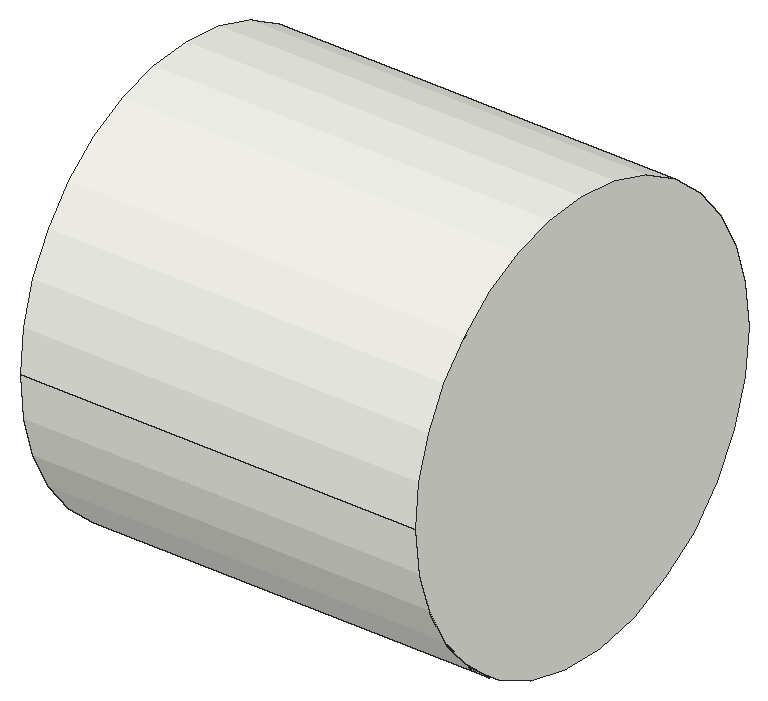
Revit family "Bucha", category Pipe Fittings, Revit 2025
Family settings
  Round Connector Dimension = Use Radius
  Part Type = Cap
  OmniClass Number = 23.60.30.11.14
  OmniClass Title = Pipework Fittings
  Work Plane-Based = No
  Always vertical = Yes
  Cut with Voids When Loaded = No
  Shared = No
Parameters
  Socket Length [instance] = size_lookup(Lookup Table Name, "SLgt", 0.44 * Nominal Diameter + 161/256", Nominal Diameter)  # 3/4"
  Radius 1 [instance] = (Height - Socket Length) / 2 + 0.5 * (Socket Outside Radius ^ 2) / (Height - Socket Length)  # 0.39794"
  Nominal Radius [instance] = 1/4"
  Nominal Diameter [instance] = Nominal Radius * 2  # 1/2"
  Loss Method = Not Defined
  Lookup Table Name = "Cap - PVC - Sch 40"
  Length 1 [instance] = sqrt((Radius 1 - (Height - Socket Length)) ^ 2 + Socket Outside Radius ^ 2)  # 0.39794"
  Height [instance] = size_lookup(Lookup Table Name, "Hgt", 0.67 * Nominal Diameter + 215/256", Nominal Diameter)  # 1.09"
  Socket Outside Radius [instance] = 0.3937"
  Socket Outside Diameter [instance] = size_lookup(Lookup Table Name, "SOD", 1.11 * Nominal Diameter + 69/128", Nominal Diameter)  # 1.09"
  Default Elevation = 0.000 m
Reference planes (m)
  plane 1 "Center (Front/Back)": y = 0
  plane 2: z = 0
  plane 3 "Center (Left/Right)": x = 0
  plane 4: x = 0.01905
  plane 5: x = 0.027686
  plane 6: y = 0.01
  plane 7: x = 0.017578
  plane 8: x = 0.027686
Forms (m)
  Extrusion 1, solid, material "PVC", detail levels fine
    sketch origin (0, 0, 0) x (0, 1, 0) y (0, 0, 1)
      loop
        circle (0, 0) r 0.01
    from 0 to 0.01905
Lines and regions (m)
  model lines, detail levels coarse+medium
    curve 1: line (0, 0.01, 0) -> (0.01905, 0.01, 0)
    curve 2: line (0.01905, 0.01, 0) -> (0.01905, -0.01, 0)
    curve 3: line (0.01905, -0.01, 0) -> (0, -0.01, 0)
Dimensions and locks (m)
  "Socket Length": plane 3 "Center (Left/Right)" to plane 4
  "Height": plane 3 "Center (Left/Right)" to plane 5
  equal spacing: curve 3, plane 1 "Center (Front/Back)", curve 1
  "Socket Outside Radius": plane 1 "Center (Front/Back)" to curve 1
  "Socket Outside Radius": plane 1 "Center (Front/Back)" to plane 6
  "Radius 1": plane 7 to plane 5
  "Length 1": plane 7 to plane 8
  "Socket Outside Radius": radius of Extrusion 1 sketch curve
  aligned and locked: level to Extrusion 1 sketch curve
  aligned and locked: plane 1 "Center (Front/Back)" to Extrusion 1 sketch curve
  aligned and locked: plane 4 to Extrusion 1
  aligned and locked: Extrusion 1 to plane 3 "Center (Left/Right)"
  aligned and locked: plane 3 "Center (Left/Right)" to curve 1
  aligned and locked: plane 3 "Center (Left/Right)" to curve 3
  aligned and locked: curve 2 to Extrusion 1
Connectors (m)
  piping at (0, 0, 0), diameter 0.0127, driven by "Nominal Radius"
    settings: on Extrusion 1, index 1, connector inside diameter 1/2", connector length 0.000 m, flow factor 0, pipe flow 0 GPM, pressure drop 0.00 psi, fitting loss kfactor 0, connector angle 0.00°, fixture units 0, engagement length 0.000 m, angle of deflection 0.00°, flow configuration 0, flow direction 0, fitting loss method 0, system type 28, joint type 0, gender type 0, connector reference index -1, connector utility 0, adjustable connector no, is connector primary yes, connector description ""
